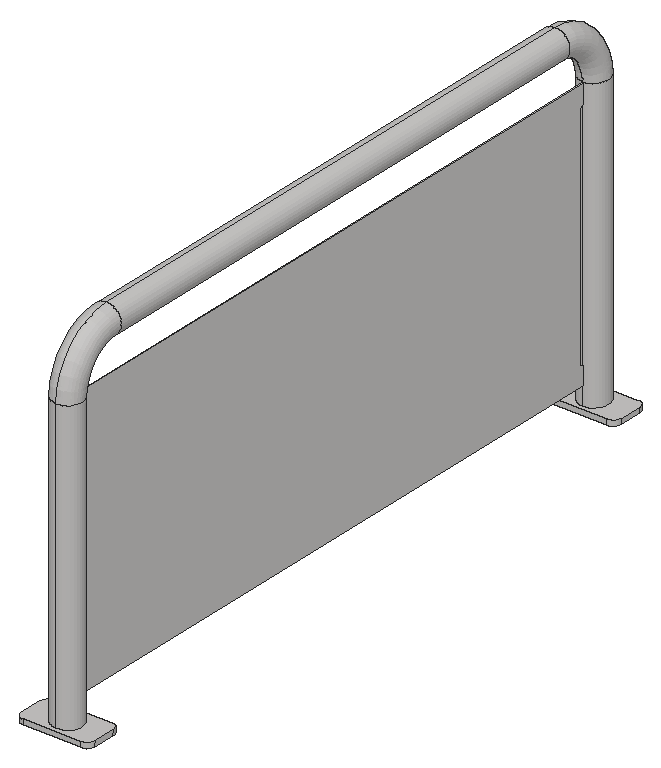
Revit family "PRD_FrankeWS_UrnlDvdrs_CampusUrinalDivider_CMPX560", category Furniture, host Face, Revit 2018
Family settings
  Host = Face
  OmniClass Number = 23.40.20.21
  OmniClass Title = Toilet and Bath Specialties
  Cut with Voids When Loaded = No
  Shared = No
  Room Calculation Point = No
Parameters (values of type "CMPX560")
  Z [instance] = 8.80 mm
  Y [instance] = 5.00 mm
  X [instance] = PipeDiameter / 2  # 16.00 mm
  WarrantyStartDate [instance] = "1900-12-31T23:59:59"
  WarrantyGuarantorParts = "n/a"
  WarrantyGuarantorLabor = "n/a"
  WarrantyDurationUnit = "year"
  WarrantyDurationParts = "n/a"
  WarrantyDurationLabor = "n/a"
  WarrantyDescription = "n/a"
  Version = "1"
  Uniclass2015Version = "Products v1.7"
  Uniclass2015Title = "Urinal divider"
  Uniclass2015Code = "Pr_40_20_93_74"
  URL = "www.kwc.com"
  TypeOfMounting = "Wall mounting"
  TagNumber [instance] = "n/a"
  SustainabilityPerformance = "n/a"
  Style = "Urinal divider"
  Size = "81x760x397 mm"
  Shape = "n/a"
  SerialNumber [instance] = "n/a"
  Revision = "n/a"
  ReplacementCost = "n/a"
  RailRadius = 70.00 mm
  ProductInformation = "https://pim.kwc.com/product/2000056972/attachment/datasheet?locale=en"
  PipeDiameter = 32.00 mm
  OverallWidth = 81.00 mm
  OverallHeight = 760.00 mm
  OverallDepth = 397.00 mm
  NominalWidth = 81.00 mm
  NominalLength = 81.00 mm
  NominalHeight = 760.00 mm
  NominalDepth = 397.00 mm
  NetWeight = 4.90 kg
  Name = "CAMPUS urinal divider CMPX560"
  NBSTypeID = "n/a"
  NBSReference = "45-35-70/358"
  NBSOfficeMasterTag = "n/a"
  NBSNote = "n/a"
  NBSDescription = "Urinal divider"
  NBSCertification = "n/a"
  ModelReference = "CMPX560"
  ModelNumber = "2000056972"
  Model = ModelReference  # "CMPX560"
  MaterialsBody = "Stainless steel 1.4301"
  MaterialThickness = 1.50 mm
  MaterialFinish = "Satin finished"
  Material = "Stainless steel"
  ManufacturerURL = "www.kwc.com"
  ManufacturerName = "KWC Group AG"  # constant formula
  Manufacturer = ManufacturerName  # "KWC Group AG"
  MainColor = "Stainless steel"
  InstallationDate [instance] = "1900-12-31T23:59:59"
  IfcExportType = "NOTDEFINED"
  IfcExportAs = "IfcFurnitureType"
  GrossWeight = 5.85 kg
  Grade = "n/a"
  Finish = "Satin finished"
  Features = "stainless steel, 1.50 mm, satin finished, wall mounting, 81x760x397 mm (WxHxD)"
  ExpectedLife = "n/a"
  DurationUnit = "year"
  DividerMaterial = PRD_AR_StainlessSteel_SatinFinished
  Description = "Urinal divider for wall mounting, stainless steel, surface satin finished, material thickness 1.5 mm, 32 mm pipe diameter, with two stainless steel covers for hidden mounting, included screws and dowels."
  Default Elevation = 1200.00 mm
  Constituents = "n/a"
  Color = "Stainless steel"
  CodePerformance = "n/a"
  Category = "Pr_40_20_93_74, Urinal dividers"
  BarCode [instance] = "n/a"
  BIMObjectName = "PRD_AR_UrinalDividers_CampusUrinalDivider_CMPX560"
  Author = "Archispace"  # constant formula
  AssetType = "Fixed"
  AssetIdentifier [instance] = "n/a"
  AccessibilityPerformance = "n/a"
Reference planes
  plane 1 "Center (Front/Back)": y = 0
  plane 2: z = 0
  plane 3 "Center (Left/Right)": x = 0
  plane 4: y = 380
  plane 5: y = -380
  plane 6: z = 397
  plane 7: y = 348
  plane 8: y = -348
  plane 9: z = 365
  plane 10: z = 325
Forms (mm)
  Extrusion 1, solid, material "PRD_AR_StainlessSteel_SatinFinished" <- "DividerMaterial", detail levels fine
    sketch origin (0, 385.3, 0) x (1, 0, 0) y (0, 1, 0)
      loop
        line (-40.5, -8.8) -> (-40.5, -33.8)
        arc (-40.5, -33.8) -> (-37.923, -40.023) -> (-31.7, -42.6) r 8.8
        line (-31.7, -42.6) -> (31.7, -42.6)
        arc (31.7, -42.6) -> (37.923, -40.023) -> (40.5, -33.8) r 8.8
        line (40.5, -33.8) -> (40.5, -8.8)
        arc (40.5, -8.8) -> (37.923, -2.577) -> (31.7, 0) r 8.8
        line (31.7, 0) -> (-31.7, 0)
        arc (-31.7, 0) -> (-37.923, -2.577) -> (-40.5, -8.8) r 8.8
      loop
        arc (-40.5, -761.8) -> (-37.923, -768.023) -> (-31.7, -770.6) r 8.8
        line (-31.7, -770.6) -> (31.7, -770.6)
        arc (31.7, -770.6) -> (37.923, -768.023) -> (40.5, -761.8) r 8.8
        line (40.5, -761.8) -> (40.5, -736.8)
        arc (40.5, -736.8) -> (37.923, -730.577) -> (31.7, -728) r 8.8
        line (31.7, -728) -> (-31.7, -728)
        arc (-31.7, -728) -> (-37.923, -730.577) -> (-40.5, -736.8) r 8.8
        line (-40.5, -736.8) -> (-40.5, -761.8)
    from 0 to 5.5
  Sweep 2, solid, material "PRD_AR_StainlessSteel_SatinFinished" <- "DividerMaterial", detail levels medium+fine
    path origin (0, 0, 0) x (0, 1, 0) y (0, 0, 1)
      loop
        line (-380, 5.5) -> (-380, 327)
        arc (-380, 327) -> (-359.497, 376.497) -> (-310, 397) r 70
        line (-310, 397) -> (310, 397)
        arc (310, 397) -> (359.497, 376.497) -> (380, 327) r 70
        line (380, 327) -> (380, 5.5)
    profile origin (0, -380, 166.25) x (0, -1, 0) y (1, 0, 0)
      loop
        circle (-16, 0) r 16
  Extrusion 3, solid, material "PRD_AR_StainlessSteel_SatinFinished" <- "DividerMaterial", detail levels fine
    sketch origin (0, 385.3, 0) x (0, 1, 0) y (0, 0, 1)
      loop
        line (-37.3, 325) -> (-733.3, 325) -> (-733.3, 304.964)
        arc (-733.3, 304.964) -> (-729.383, 303.742) -> (-727.7, 300) r 5
        line (-727.7, 300) -> (-727.7, 50)
        arc (-727.7, 50) -> (-729.383, 46.258) -> (-733.3, 45.036) r 5
        line (-733.3, 45.036) -> (-733.3, 25) -> (-37.3, 25) -> (-37.3, 45.036)
        arc (-37.3, 45.036) -> (-40.442, 46.683) -> (-41.7, 50) r 5
        line (-41.7, 50) -> (-41.7, 300)
        arc (-41.7, 300) -> (-40.442, 303.317) -> (-37.3, 304.964) r 5
        line (-37.3, 304.964) -> (-37.3, 325)
    from -0.75 to 0.75
  Extrusion 4, solid, material "PRD_AR_StainlessSteel_SatinFinished" <- "DividerMaterial", detail levels medium
    sketch origin (0, 0, 0) x (1, 0, 0) y (0, 1, 0)
      loop
        line (-40.5, 385.3) -> (-40.5, 342.7) -> (40.5, 342.7) -> (40.5, 385.3) -> (-40.5, 385.3)
      loop
        line (-40.5, -342.7) -> (-40.5, -385.3) -> (40.5, -385.3) -> (40.5, -342.7) -> (-40.5, -342.7)
    from 0 to 5.5
  Extrusion 5, solid, material "PRD_AR_StainlessSteel_SatinFinished" <- "DividerMaterial", detail levels medium
    sketch origin (0, 0, 0) x (0, 1, 0) y (0, 0, 1)
      loop
        line (348, 325) -> (-348, 325) -> (-348, 25) -> (348, 25) -> (348, 325)
    from -0.75 to 0.75
  Extrusion 6, solid, material "PRD_AR_StainlessSteel_SatinFinished" <- "DividerMaterial", detail levels coarse
    sketch origin (0, 0, 0) x (0, 1, 0) y (0, 0, 1)
      loop
        line (380, 397) -> (-380, 397) -> (-380, 0) -> (380, 0) -> (380, 397)
    from -16 to 16
Lines and regions (mm)
  symbolic lines, detail levels fine
    curve 1: line (238, 0, 126.224) -> (-238, 0, 126.224)
    curve 2: line (-238, 0, 16) -> (238, 0, 16)
Dimensions and locks
  equal spacing: plane 4, plane 1 "Center (Front/Back)", plane 5
  "OverallHeight": plane 4 to plane 5
  "OverallDepth": plane 6 to level
  "X": Sweep 2 sketch curve to profile plane
  "PipeDiameter": plane 6 to plane 9
  "PipeDiameter": plane 4 to plane 7
  "PipeDiameter": plane 8 to plane 5
  locked: plane 9 to plane 10 at 40
  locked: Extrusion 1 sketch curve to plane 4 at 5.3
  locked: Extrusion 1 sketch curve to plane 7 at 5.3
  locked: plane 8 to Extrusion 1 sketch curve at 5.3
  locked: plane 5 to Extrusion 1 sketch curve at 5.3
  equal spacing: Extrusion 1 sketch curve, plane 3 "Center (Left/Right)", Extrusion 1 sketch curve  (x2)
  "OverallWidth": Extrusion 1 sketch curve to Extrusion 1 sketch curve  (x2)
  equal spacing: Extrusion 3, plane 3 "Center (Left/Right)", Extrusion 3
  "MaterialThickness": Extrusion 3 to Extrusion 3
  equal spacing: Extrusion 6, plane 3 "Center (Left/Right)", Extrusion 6
  "PipeDiameter": Extrusion 6 to Extrusion 6
  "PipeDiameter": diameter of Sweep 2 sketch curve
  "RailRadius": radius of Sweep 2 sketch curve  (x2)
  "Z": radius of Extrusion 1 sketch curve  (x8)
  aligned and locked: plane 2 to host face
  aligned and locked: level to host face
  aligned and locked: Sweep 2 sketch curve to plane 4
  aligned and locked: Sweep 2 sketch curve to plane 6
  aligned and locked: plane 7 to Extrusion 3 sketch curve
  aligned and locked: Extrusion 3 sketch curve to plane 7
  aligned and locked: plane 8 to Extrusion 3 sketch curve  (x2)
  aligned and locked: plane 10 to Extrusion 3 sketch curve
  aligned and locked: Extrusion 4 sketch curve to Extrusion 1  (x8)
  aligned and locked: Extrusion 4 to Extrusion 1
  aligned and locked: Extrusion 5 sketch curve to Extrusion 3  (x4)
  aligned and locked: Extrusion 5 to Extrusion 3  (x2)
  aligned and locked: plane 6 to Extrusion 6 sketch curve
  aligned and locked: plane 4 to Extrusion 6 sketch curve
  aligned and locked: Extrusion 1 to Extrusion 6 sketch curve
  aligned and locked: Extrusion 6 to plane 5
Automatic sketch dimensions
  host sketch curve to host sketch curve = 2438.40 mm  (x2)
  curve 1 to plane 3 "Center (Left/Right)" = 238.00 mm
  level to curve 2 = 16.00 mm
  curve 1 to curve 2 = 0.00 mm  (x2)
  plane 3 "Center (Left/Right)" to curve 2 = 238.00 mm
  curve 2 to curve 1 = 110.224 mm
  Extrusion 3 sketch curve to plane 8 = 0.60 mm  (x2)
  Extrusion 3 sketch curve to Extrusion 3 sketch curve = 5.00 mm
  plane 7 to Extrusion 3 sketch curve = 4.40 mm
  Extrusion 3 sketch curve to plane 7 = 0.60 mm  (x2)
  Extrusion 3 sketch curve to plane 10 = 20.036 mm  (x2)
  level to Extrusion 3 sketch curve = 50.00 mm  (x2)
  Extrusion 3 sketch curve to Extrusion 3 sketch curve = 20.036 mm
  plane 8 to Extrusion 6 sketch curve = 32.00 mm
  Sweep 2 sketch curve to plane 5 = 0.00 mm
  level to Sweep 2 sketch curve = 5.50 mm  (x2)
  Sweep 2 sketch curve to plane 3 "Center (Left/Right)" = 0.00 mm
